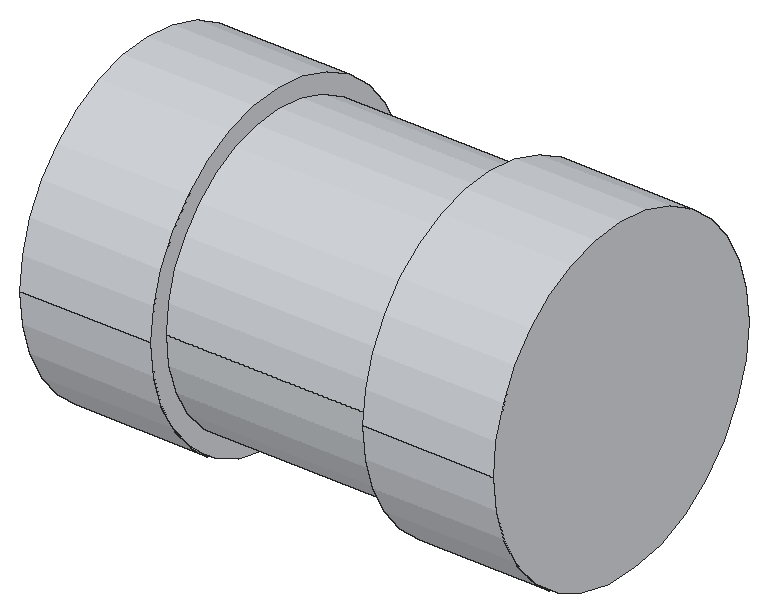
Revit family "M_Conexão com abraçadeira - Rosqueada - MI - Classe 300", category Conexões de tubo, Revit 2019
Family settings
  Cota do conector redondo = Usar raio
  Tipo de parte = União
  Número OmniClass = 23.60.30.11.14
  Título OmniClass = Pipework Fittings
  ID de item do Seek = Coupling with Bands - Threaded - MI - Class 300-0000-CAN-ENU
  Com base no plano de trabalho = Não
  Sempre na vertical = Sim
  Corte com vazios quando carregada = Não
  Compartilhado = Não
Parameters (values of type "Padrão")
  Tamanho da marca de revisão [instance] = Diâmetro externo da conexão * 0.4  # 8.36 mm
  Método de perda = Coeficiente K da tabela
  Nome da tabela de pesquisa = "M_Coupling with Bands - Threaded - MI - Class 300"
  Comprimento [instance] = size_lookup(Nome da tabela de pesquisa, "Lgt", 1.02 * Diâmetro nominal + 33.437 mm, Diâmetro nominal)  # 35.1 mm
  Raio nominal [instance] = 4 mm
  Diâmetro nominal [instance] = Raio nominal * 2  # 8 mm
  Espessura do Metal [instance] = size_lookup(Nome da tabela de pesquisa, "MThk", 0.07 * Diâmetro nominal + 3.076 mm, Diâmetro nominal)  # 3.6 mm
  Tabela de coeficiente K = "Transição de contração/alargamento"
  Raio externo da conexão [instance] = Diâmetro externo da conexão / 2  # 10.45 mm
  Diâmetro externo da conexão [instance] = Diâmetro interno da conexão + Espessura do Metal * 2  # 20.9 mm
  Diâmetro interno da conexão [instance] = size_lookup(Nome da tabela de pesquisa, "FID", 1.04 * Diâmetro nominal + 6.648 mm, Diâmetro nominal)  # 13.7 mm
  Largura da fita [instance] = size_lookup(Nome da tabela de pesquisa, "BWid", 0.22 * Diâmetro nominal + 9.624 mm, Diâmetro nominal)  # 9.7 mm
  Raio externo da fita [instance] = Diâmetro externo da fita / 2  # 11.8 mm
  Diâmetro externo da fita [instance] = size_lookup(Nome da tabela de pesquisa, "BOD", 1.29 * Diâmetro nominal + 15.974 mm, Diâmetro nominal)  # 23.6 mm
  Largura do isolamento por fita [instance] = if((Largura da fita) * 2 > Comprimento, Comprimento / 2, Largura da fita)  # 9.7 mm
Reference planes
  plane 1 "Centro (Frente/Trás)": y = 0
  plane 2: z = 0
  plane 3 "Centro (Esquerda/Direita)": x = 0
  plane 4: x = -7.85
  plane 5: x = 7.85
  plane 6: x = -17.55
  plane 7: x = 17.55
  plane 8: x = -7.85
  plane 9: x = 7.85
Forms (mm)
  Extrusion 1, solid, detail levels fine
    sketch origin (0, 0, 0) x (0, 1, 0) y (0, 0, 1)
      loop
        circle (0, 0) r 11.8
    from -17.55 to -7.85
  Extrusion 2, solid, detail levels fine
    sketch origin (0, 0, 0) x (0, 1, 0) y (0, 0, 1)
      loop
        circle (0, 0) r 11.8
    from 7.85 to 17.55
  Extrusion 3, solid, detail levels fine
    sketch origin (0, 0, 0) x (0, 1, 0) y (0, 0, 1)
      loop
        circle (0, 0) r 10.45
    from -7.85 to 7.85
Cuts and joins
  joined: Extrusion 1, Extrusion 2, Extrusion 3
Lines and regions (mm)
  model lines, detail levels coarse+medium
    curve 1: line (17.55, 0, 0) -> (-17.55, 0, 0)
    curve 2: line (-17.55, 8.36, 0) -> (-17.55, -8.36, 0)
    curve 3: line (17.55, 8.36, 0) -> (17.55, -8.36, 0)
Dimensions and locks
  "Largura da fita": plane 6 to plane 4
  "Largura da fita": plane 5 to plane 7
  equal spacing: plane 6, plane 3 "Centro (Esquerda/Direita)", plane 7
  "Comprimento": plane 6 to plane 7
  equal spacing: curve 2, plane 1 "Centro (Frente/Trás)", curve 2
  equal spacing: curve 3, plane 1 "Centro (Frente/Trás)", curve 3
  "Largura do isolamento por fita": plane 6 to plane 8
  "Largura do isolamento por fita": plane 9 to plane 7
  "Tamanho da marca de revisão": plane 1 "Centro (Frente/Trás)" to curve 2
  "Tamanho da marca de revisão": plane 1 "Centro (Frente/Trás)" to curve 3
  "Raio externo da fita": radius of Extrusion 1 sketch curve
  "Raio externo da fita": radius of Extrusion 2 sketch curve
  "Raio externo da conexão": radius of Extrusion 3 sketch curve
  aligned and locked: plane 2 to Extrusion 1 sketch curve
  aligned and locked: plane 1 "Centro (Frente/Trás)" to Extrusion 1 sketch curve
  aligned and locked: Extrusion 1 to plane 6
  aligned and locked: plane 4 to Extrusion 1
  aligned and locked: plane 1 "Centro (Frente/Trás)" to Extrusion 2 sketch curve
  aligned and locked: plane 2 to Extrusion 2 sketch curve
  aligned and locked: Extrusion 2 to plane 5
  aligned and locked: plane 7 to Extrusion 2
  aligned and locked: Extrusion 3 to plane 4
  aligned and locked: plane 5 to Extrusion 3
  aligned and locked: plane 7 to curve 1
  aligned and locked: curve 1 to plane 1 "Centro (Frente/Trás)"
  aligned and locked: plane 6 to curve 1
  aligned and locked: curve 2 to plane 6
  aligned and locked: curve 3 to plane 7
Automatic sketch dimensions
  Extrusion 3 sketch curve to level = 0 mm
  Extrusion 3 sketch curve to plane 1 "Centro (Frente/Trás)" = 0 mm
Connectors
  piping at (-17.55, 0, 0), diameter 8, driven by "Raio nominal"
    settings: on cut or joined group of Extrusion 1, Extrusion 2, Extrusion 3, index 1, connector inside diameter 8 mm, connector length 0 mm, flow factor 0, pipe flow 0.0 L/s, pressure drop 0.0 Pa, fitting loss kfactor 0, connector angle 0.00°, fixture units 0, engagement length 0 mm, angle of deflection 0.00°, flow configuration 0, flow direction 0, fitting loss method 0, system type 28, joint type 0, gender type 0, connector reference index 2, connector utility 0, adjustable connector no, is connector primary yes, connector description ""
  piping at (17.55, 0, 0), diameter 8, driven by "Raio nominal"
    settings: on cut or joined group of Extrusion 1, Extrusion 2, Extrusion 3, index 2, connector inside diameter 8 mm, connector length 0 mm, flow factor 0, pipe flow 0.0 L/s, pressure drop 0.0 Pa, fitting loss kfactor 0, connector angle 0.00°, fixture units 0, engagement length 0 mm, angle of deflection 0.00°, flow configuration 0, flow direction 0, fitting loss method 0, system type 28, joint type 0, gender type 0, connector reference index 1, connector utility 0, adjustable connector no, is connector primary no, connector description ""
